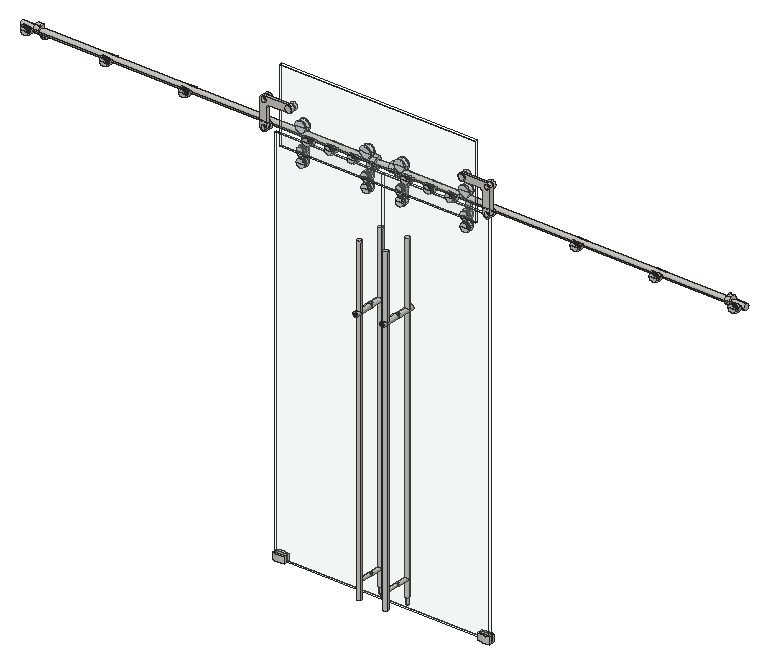
Revit family "Doors_Sliding_Avanti_Systems_Eclipse-Sliding-Pair-Glass-Barn-Doors-Dbl-Glazed", category Doors, Revit 2026
Family settings
  Classification Number = 23.30.10.00
  Always vertical = Yes
  Cut with Voids When Loaded = No
  Shared = No
  Room Calculation Point = No
Parameters (values of type "Load Family Type Catalog")
  Youtube clip = ""
  Weight Net (Kg) = "0"
  Warranty = "1 year"  # constant formula
  Uniformat II Description = "Interior Doors"
  Uniformat II Code = "C1020"
  Uniclass 2015 Name = "Sliding door and partition sets"
  Uniclass 2015 Code = "Pr_30_59_24_80"
  Uniclass 2.0 Description = "Sliding Door And Partition Sets"
  Uniclass 2.0 Code = "PR-59-23-77"
  Uniclass 1.4 Description = "Doors"
  Uniclass 1.4 Code = "JL20"
  URL = "www.avantisystemsusa.com"
  UNSPSC Code = "30171501"
  Transome Glass Width [instance] = 36 5/8"
  Transome Glass Height [instance] = 13 13/16"
  Transom Visibility [instance] = yes
  Type = 1
  Transom Height [instance] = 14"
  Thickness = if(Type = 1, 1/2", if(Type = 2, 3/8", if(Type = 3, 7/16", if(Type = 4, 9/16", 3/4"))))  # 1/2"
  Technical description = "https://www.avantisystemsusa.com/wp-content/uploads/products/16-barn-doors/specs/083213_fl.Sliding-Aluminum-Framed-Glass-Doors.Avanti.doc"
  Sound Rating = 0
  Region South America = "All"
  Region Oceania = "All"
  Region North America = "All"
  Region Middle East = "All"
  Region Europe = "All"
  Region Asia = "All"
  Region Antarctica = "All"
  Region Africa = "All"
  QR code = "http://bimobject.com/avantisystems/product/avanti-eclipse"
  Product url = "https://www.avantisystemsusa.com/glass-products/doors/sliding-doors/barn-doors/"
  Product group = "Barn Doors"
  Product family = "Sliding Doors"
  Product data url = "https://bimobject.com/avantisystems/product/avanti-eclipse"
  Product certification = ""
  Product SKU = "avanti-eclipse"
  Product Guid = "7da51ade-73dc-45b6-9d79-ccbd2e6c1290"
  Opening Width [instance] = 37"
  OmniClass Description = "Sliding All Glass Doors"
  OmniClass Code = "23-17 11 23 13"
  Nominal width = 0"
  Nominal height = 0"
  NBS Reference Description = "Sliding Door And Partition Sets"
  NBS Reference Code = "59-23-77"
  Model = "Eclipse™ Sliding Glass Barn Doors"  # constant formula
  Material secondary = "Aluminium"
  Material main = "Glass"
  Masterformat 2014 Description = "Sliding Aluminum-Framed Glass Doors"
  Masterformat 2014 Code = "08 32 13"
  Manufacturer name = "Avanti Systems"
  Manufacturer country = ""
  Manufacturer = "Avanti Systems USA"  # constant formula
  Lock = "Thumb turn floor lock with a key"
  Ladder Pull Height [instance] = 18"
  LEED compatibility = "YES"
  L-Bracket Placement [instance] = (Opening Width / 4) + 1 23/64"  # 10 39/64"
  Installation instructions = ""
  IFC Classification = "Door"
  Hardware material [instance] = Stainless Steel - Avanti- Brushed Finish
  Handle type [instance] = Handle : 60" Ladder Pull
  Half_width [instance] = (Opening Width / 2) + 1 1/2"  # 20"
  Glazing = "Safety Glazing SGCC"
  Glass Width [instance] = 40"
  Glass Material = Glass - Avanti - Laminated Glass
  Glass Marker = yes
  Glass Height [instance] = 71 5/16"
  Gap Thickness = if(Type = 1, 71/128", if(Type = 2, 87/128", if(Type = 3, 79/128", if(Type = 4, 63/128", 39/128"))))  # 71/128"
  Function = Interior
  Edition number = 1
  EAN code = ""
  Design country = "United States"
  Description = "The Barn Sliding Glass Door is our standard interior manual sliding glass door which can be integrated into the Solare™Frameless, Elite™Freestanding Partition System as well as a solid traditional wall to add a touch of modern style to any entryway."  # constant formula
  Date of publishing = ""
  Clear Anodic Finish = "AAMA 611, AA-M12c22A31, Class II, 0.01mm or thicker"
  COBIe Type Category = ""
  Brand url = "http://www.avantisystemsusa.com/"
  Bolt Length = Thickness + 69/128"  # 1 5/128"
  BIMobject main category code = "doors"
  BIMobject main category = "Doors"
  BIMobject category code = "doors-sliding"
  BIMobject category = "Sliding"
  Analytic Construction = "<None>"
Reference planes (in)
  plane 1 "Center (Front/Back)": y = 0
  plane 2: z = 0
  plane 3 "Center (Left/Right)": x = 3.24894
  plane 4: x = -15.25106
  plane 5: x = 21.74894
  plane 6 "Top": z = 84
  plane 7 "Curtain_wall_center": y = 1.4375
  plane 8 "Curtain_wall_exterior": y = 1.6875
  plane 9 "Curtain_wall_interior": y = 1.1875
  plane 10 "Top_panel_height": z = 70
  plane 11 "Doors_exterior": y = 2.74219
  plane 12 "Doors_center": y = 2.49219
  plane 13 "Doors_interior": y = 2.24219
  plane 14 "Door_offset_left": x = -16.75106
  plane 15 "Door_offset_top": z = 71.5
  plane 16 "Handle_placement_top": z = 18
  plane 17 "Handle_placement_level": x = 0.74894
  plane 18: x = -14.76823
  plane 19: z = 0.1875
  plane 20: x = 23.24894
  plane 21: x = 5.74894
  plane 22: x = 21.26611
  plane 23: x = 3.24894
  plane 24: x = 21.56144
  plane 25: x = -15.06356
  plane 26: z = 83.8125
  plane 27: x = 13.24894
  plane 28: x = -6.75106
  plane 29: z = 35.75
  plane 30: z = 71.75
Forms (in)
  Extrusion 1, solid, material "Glass - Avanti - Laminated Glass" <- "Glass Material", visible <- "Transom Visibility"
    sketch origin (0, 0, 0) x (1, 0, 0) y (0, 1, 0)
      loop
        line (-15.06356, 1.6875) -> (-15.06356, 1.1875) -> (21.56144, 1.1875) -> (21.56144, 1.6875) -> (-15.06356, 1.6875)
    from 70 to 83.8125
  Extrusion 2, solid, material "Stainless Steel - Avanti- Brushed Finish" <- "Hardware material"
    sketch origin (0, 0, 0) x (1, 0, 0) y (0, 1, 0)
      loop
        arc (-17.01409, 1.97625) -> (-15.89116, 1.77392) -> (-14.76823, 1.97625) r 3.2173
        line (-14.76823, 1.97625) -> (-14.76823, 3.00813)
        arc (-14.76823, 3.00813) -> (-15.89116, 3.20334) -> (-17.01409, 3.00813) r 3.32736
        line (-17.01409, 3.00813) -> (-17.01409, 1.97625)
    from 0 to 1.21575
  Extrusion 3, void
    sketch origin (3.24894, 0, 0) x (0, 1, 0) y (0, 0, 1)
      loop
        line (2.74219, 1.21575) -> (2.24219, 1.21575) -> (2.24219, 0.15191) -> (2.74219, 0.15191) -> (2.74219, 1.21575)
    from -20.26303 to 20.26303
  Extrusion 4, solid, material "Stainless Steel - Avanti- Brushed Finish" <- "Hardware material"
    sketch origin (6.49788, 0, 0) x (-1, 0, 0) y (0, -1, 0)
      loop
        line (-17.01409, -1.97625) -> (-17.01409, -3.00813)
        arc (-17.01409, -3.00813) -> (-15.89116, -3.20334) -> (-14.76823, -3.00813) r 3.32736
        line (-14.76823, -3.00813) -> (-14.76823, -1.97625)
        arc (-14.76823, -1.97625) -> (-15.89116, -1.77392) -> (-17.01409, -1.97625) r 3.2173
    from 0 to 1.21575
  Extrusion 5, solid, material "Glass - Avanti - Laminated Glass" <- "Glass Material"
    sketch origin (0, 0, 0) x (1, 0, 0) y (0, 0, 1)
      loop
        line (23.24894, 71.5) -> (3.24894, 71.5) -> (3.24894, 0.1875) -> (23.24894, 0.1875) -> (23.24894, 71.5)
    from -2.74219 to -2.24219
  Extrusion 6, solid, material "Glass - Avanti - Laminated Glass" <- "Glass Material"
    sketch origin (0, 0, 0) x (1, 0, 0) y (0, 0, 1)
      loop
        line (3.24894, 71.5) -> (-16.75106, 71.5) -> (-16.75106, 0.1875) -> (3.24894, 0.1875) -> (3.24894, 71.5)
    from -2.74219 to -2.24219
Cuts and joins
  Extrusion 3 cuts Extrusion 2
  Extrusion 3 cuts Extrusion 4
Lines and regions (in)
  symbolic lines, style "0"
    curve 1: line (-17.01409, 1.97625, 0) -> (-17.01409, 3.00813, 0)
    curve 2: line (-14.76823, 1.97625, 0) -> (-14.76823, 3.00813, 0)
    curve 3: circle (-16.75106, 2.49219, 0) r 0.22256 normal (0, 0, 1)
    curve 4: circle (-16.75106, 2.49219, 0) r 0.13151 normal (0, 0, 1)
    curve 5: circle (-15.03126, 2.49219, 0) r 0.22256 normal (0, 0, 1)
    curve 6: circle (-15.03126, 2.49219, 0) r 0.13151 normal (0, 0, 1)
    curve 7: arc (-15.42624, 2.11788, 0) -> (-15.29429, 2.49219, 0) -> (-15.42624, 2.8665, 0) r 0.59687
    curve 8: arc (-16.35608, 2.8665, 0) -> (-16.48803, 2.49219, 0) -> (-16.35608, 2.11788, 0) r 0.59687
    curve 9: line (-14.76823, 2.8665, 0) -> (-17.01409, 2.8665, 0)
    curve 10: line (-14.76823, 2.11788, 0) -> (-17.01409, 2.11788, 0)
    curve 21: arc (-14.76823, 1.97625, 0) -> (-15.89116, 1.77392, 0) -> (-17.01409, 1.97625, 0) r 3.2173
    curve 35: line (-14.76823, 2.24219, 0) -> (21.26611, 2.24219, 0)
    curve 36: line (21.26611, 2.24219, 0) -> (21.26611, 2.74219, 0)
    curve 37: line (-14.76823, 2.74219, 0) -> (21.26611, 2.74219, 0)
    curve 38: line (3.24894, 1.6875, 84) -> (3.24894, 1.1875, 84)
    curve 39: line (3.24894, 1.6875, 70) -> (3.24894, 1.6875, 84)
    curve 40: line (3.24894, 1.1875, 70) -> (3.24894, 1.6875, 70)
    curve 41: line (3.24894, 1.1875, 84) -> (3.24894, 1.1875, 70)
    curve 42: line (3.24894, 2.74219, 71.5) -> (3.24894, 2.24219, 71.5)
    curve 43: line (3.24894, 2.74219, 0.15191) -> (3.24894, 2.74219, 71.5)
    curve 44: line (3.24894, 2.24219, 0.15191) -> (3.24894, 2.74219, 0.15191)
    curve 45: line (3.24894, 2.24219, 71.5) -> (3.24894, 2.24219, 0.15191)
    curve 46: line (23.51197, 1.97625, 0) -> (23.51197, 3.00813, 0)
    curve 47: line (21.26611, 1.97625, 0) -> (21.26611, 3.00813, 0)
    curve 48: circle (23.24894, 2.49219, 0) r 0.22256 normal (0, 0, -1)
    curve 49: circle (23.24894, 2.49219, 0) r 0.13151 normal (0, 0, -1)
    curve 50: circle (21.52914, 2.49219, 0) r 0.22256 normal (0, 0, -1)
    curve 51: circle (21.52914, 2.49219, 0) r 0.13151 normal (0, 0, -1)
    curve 52: arc (21.92412, 2.11788, 0) -> (21.79217, 2.49219, 0) -> (21.92412, 2.8665, 0) r 0.59687
    curve 53: arc (22.85396, 2.8665, 0) -> (22.98591, 2.49219, 0) -> (22.85396, 2.11788, 0) r 0.59687
    curve 54: line (21.26611, 2.8665, 0) -> (23.51197, 2.8665, 0)
    curve 55: line (21.26611, 2.11788, 0) -> (23.51197, 2.11788, 0)
    curve 56: arc (21.26611, 1.97625, 0) -> (22.38904, 1.77392, 0) -> (23.51197, 1.97625, 0) r 3.2173
  symbolic lines, style "0", not visible
    curve 11: line (-11.39483, 5.69093, 0) -> (-11.39483, 4.65905, 0)
    curve 12: line (-13.64069, 5.69093, 0) -> (-13.64069, 4.65905, 0)
    curve 13: circle (-11.65786, 5.17499, 0) r 0.22256 normal (0, 0, 1)
    curve 14: circle (-11.65786, 5.17499, 0) r 0.13151 normal (0, 0, 1)
    curve 15: circle (-13.37767, 5.17499, 0) r 0.22256 normal (0, 0, 1)
    curve 16: circle (-13.37767, 5.17499, 0) r 0.13151 normal (0, 0, 1)
    curve 17: arc (-12.98268, 5.5493, 0) -> (-13.11464, 5.17499, 0) -> (-12.98268, 4.80068, 0) r 0.59687
    curve 18: arc (-12.05285, 4.80068, 0) -> (-11.92089, 5.17499, 0) -> (-12.05285, 5.5493, 0) r 0.59687
    curve 19: line (-13.64069, 4.80068, 0) -> (-11.39483, 4.80068, 0)
    curve 20: line (-13.64069, 5.5493, 0) -> (-11.39483, 5.5493, 0)
    curve 22: arc (-13.64069, 5.69093, 0) -> (-12.51776, 5.89326, 0) -> (-11.39483, 5.69093, 0) r 3.2173
  symbolic lines, style "0", detail levels medium+fine
    curve 23: circle (0.74894, 5.0161, 0) r 0.39445 normal (0, 0, 1)
    curve 24: line (0.43894, 4.77219, 0) -> (0.43894, 2.74219, 0)
    curve 25: line (1.06195, 4.77606, 0) -> (1.06195, 2.74219, 0)
    curve 26: circle (0.74894, -0.03172, 0) r 0.39445 normal (0, 0, -1)
    curve 27: line (0.43894, 0.21218, 0) -> (0.43894, 2.24219, 0)
    curve 28: line (1.06195, 0.20831, 0) -> (1.06195, 2.24219, 0)
    curve 57: circle (5.74894, 5.0161, 0) r 0.39445 normal (0, 0, -1)
    curve 58: line (6.05895, 4.77219, 0) -> (6.05895, 2.74219, 0)
    curve 59: line (5.43593, 4.77606, 0) -> (5.43593, 2.74219, 0)
    curve 60: circle (5.74894, -0.03172, 0) r 0.39445 normal (0, 0, 1)
    curve 61: line (6.05895, 0.21218, 0) -> (6.05895, 2.24219, 0)
    curve 62: line (5.43593, 0.20831, 0) -> (5.43593, 2.24219, 0)
  symbolic lines, style "0", not visible, detail levels medium+fine
    curve 29: circle (20.74894, 4.89891, 0) r 0.39445 normal (0, 0, 1)
    curve 30: line (20.43894, 4.65501, 0) -> (20.43894, 2.625, 0)
    curve 31: line (21.06195, 4.65887, 0) -> (21.06195, 2.625, 0)
    curve 32: circle (20.74894, -0.14891, 0) r 0.39445 normal (0, 0, -1)
    curve 33: line (20.43894, 0.09499, 0) -> (20.43894, 2.125, 0)
    curve 34: line (21.06195, 0.09113, 0) -> (21.06195, 2.125, 0)
  symbolic lines, visible <- "Glass Marker"
    curve 63: line (10.42051, -0.24998, 32.92157) -> (16.07737, -0.24998, 38.57843)
    curve 64: line (13.24894, -0.24998, 33.90204) -> (15.0969, -0.24998, 35.75)
    curve 65: line (11.40098, -0.24998, 35.75) -> (13.24894, -0.24998, 37.59796)
    curve 73: line (-9.57949, -0.24998, 32.92157) -> (-3.92263, -0.24998, 38.57843)
    curve 74: line (-6.75106, -0.24998, 33.90204) -> (-4.9031, -0.24998, 35.75)
    curve 75: line (-8.59902, -0.24998, 35.75) -> (-6.75106, -0.24998, 37.59796)
  symbolic lines, not visible
    curve 66: line (11.40098, 0.25002, 35.75) -> (15.0969, 0.25002, 35.75)
    curve 71: line (-1.84534, 0.25002, 22.66367) -> (1.85057, 0.25002, 22.66367)
    curve 76: line (-8.59902, 0.25002, 35.75) -> (-4.9031, 0.25002, 35.75)
    curve 81: line (-1.84534, 0.25002, 22.66367) -> (1.85057, 0.25002, 22.66367)
    curve 90: line (-16.88257, 2.49219, 0) -> (-16.61954, 2.49219, 0)
    curve 91: line (-11.52635, 5.17499, 0) -> (-11.78938, 5.17499, 0)
    curve 92: line (23.38046, 2.49219, 0) -> (23.11743, 2.49219, 0)
    curve 93: arc (-14.76823, 3.00813, 0) -> (-15.89116, 3.20334, 0) -> (-17.01409, 3.00813, 0) r 3.32736
    curve 94: arc (-13.64069, 4.65905, 0) -> (-12.51776, 4.46383, 0) -> (-11.39483, 4.65905, 0) r 3.32736
    curve 95: arc (21.26611, 3.00813, 0) -> (22.38904, 3.20334, 0) -> (23.51197, 3.00813, 0) r 3.32736
  model lines, not visible
    curve 67: line (13.24894, 0.25002, 33.90204) -> (13.24894, 0.25002, 37.59796)
    curve 72: line (0.00262, 0.25002, 20.81572) -> (0.00262, 0.25002, 24.51163)
    curve 77: line (-6.75106, 0.25002, 33.90204) -> (-6.75106, 0.25002, 37.59796)
    curve 82: line (0.00262, 0.25002, 20.81572) -> (0.00262, 0.25002, 24.51163)
  symbolic lines, visible <- "Glass Marker", not visible
    curve 68: line (-2.82581, -0.24998, 19.83525) -> (2.83104, -0.24998, 25.4921)
    curve 69: line (0.00262, -0.24998, 20.81572) -> (1.85057, -0.24998, 22.66367)
    curve 70: line (-1.84534, -0.24998, 22.66367) -> (0.00262, -0.24998, 24.51163)
    curve 78: line (-2.82581, -0.24998, 19.83525) -> (2.83104, -0.24998, 25.4921)
    curve 79: line (0.00262, -0.24998, 20.81572) -> (1.85057, -0.24998, 22.66367)
    curve 80: line (-1.84534, -0.24998, 22.66367) -> (0.00262, -0.24998, 24.51163)
  symbolic lines, not visible, detail levels medium+fine
    curve 83: line (0.74894, 3.45287, 0) -> (0.74894, 3.81759, 0)
    curve 84: line (20.74894, 3.33568, 0) -> (20.74894, 3.7004, 0)
    curve 85: line (5.74894, 3.45287, 0) -> (5.74894, 3.81759, 0)
    curve 86: line (0.74894, 0.93104, 0) -> (0.74894, 1.30627, 0)
    curve 87: line (20.74894, 0.81385, 0) -> (20.74894, 1.18908, 0)
    curve 88: line (5.74894, 0.93104, 0) -> (5.74894, 1.30627, 0)
  symbolic lines
    curve 89: line (3.24894, 2.74219, 0) -> (3.24894, 2.24219, 0)
Text (in)
  text "Exterior" at (-45.72835, 31.38743, 0), in view "Ref. Level"
Dimensions and locks (in)
  equal spacing: plane 4, plane 3 "Center (Left/Right)", plane 5
  equal spacing: plane 8 "Curtain_wall_exterior", plane 7 "Curtain_wall_center", plane 9 "Curtain_wall_interior"
  equal spacing: plane 11 "Doors_exterior", plane 12 "Doors_center", plane 13 "Doors_interior"
  "Gap Thickness": plane 13 "Doors_interior" to plane 8 "Curtain_wall_exterior"
  locked: plane 10 "Top_panel_height" to plane 15 "Door_offset_top" at 1.5
  "Thickness": plane 11 "Doors_exterior" to plane 13 "Doors_interior"
  "Thickness": plane 8 "Curtain_wall_exterior" to plane 9 "Curtain_wall_interior"
  "Ladder Pull Height": plane 2 to plane 16 "Handle_placement_top"
  locked: plane 4 to plane 18 at 0.48283
  plane 2 to plane 19 = 3/16"
  "Transom Height": plane 10 "Top_panel_height" to plane 6 "Top"
  locked: plane 17 "Handle_placement_level" to plane 3 "Center (Left/Right)" at 2.5
  locked: plane 21 to plane 3 "Center (Left/Right)" at 2.5
  plane 17 "Handle_placement_level" to plane 3 "Center (Left/Right)" to plane 21 = 2 1/2", 2 1/2"
  locked: plane 5 to plane 20 at 1.5
  locked: plane 14 "Door_offset_left" to plane 4 at 1.5
  "Opening Width": plane 4 to plane 5
  locked: plane 22 to plane 5 at 0.48283
  locked: plane 26 to plane 6 "Top" at 0.1875
  locked: plane 24 to plane 5 at 0.1875
  locked: plane 25 to plane 4 at 0.1875
  equal spacing: plane 20, plane 27, plane 3 "Center (Left/Right)"
  equal spacing: plane 3 "Center (Left/Right)", plane 28, plane 14 "Door_offset_left"
  equal spacing: plane 2, plane 29, plane 15 "Door_offset_top"
  plane 1 "Center (Front/Back)" to plane 7 "Curtain_wall_center" = 1 7/16"
  locked: nested 4 to curve 66 at 7
  locked: curve 66 to nested 5 at 7
  "Transome Glass Width": plane 24 to plane 25
  "Transome Glass Height": plane 10 "Top_panel_height" to plane 26
  "Glass Height": plane 19 to plane 15 "Door_offset_top"
  "Glass Width": plane 20 to plane 14 "Door_offset_left"
  locked: nested 1 to plane 11 "Doors_exterior" at 0.01172
  locked: plane 30 to plane 15 "Door_offset_top" at 0.25
  curve 9 to nested 2 = 2 113/128"
  locked: nested 3 to curve 37 at 3
  equal spacing: plane 17 "Handle_placement_level", Extrusion 6, plane 21
  aligned and locked: level to plane 2
  aligned and locked: Extrusion 1 sketch curve to plane 8 "Curtain_wall_exterior"
  aligned and locked: plane 9 "Curtain_wall_interior" to Extrusion 1 sketch curve
  aligned and locked: curve 2 to plane 18
  aligned and locked: plane 11 "Doors_exterior" to curve 25
  aligned and locked: plane 11 "Doors_exterior" to curve 24
  aligned and locked: plane 13 "Doors_interior" to curve 28
  aligned and locked: plane 13 "Doors_interior" to curve 27
  aligned and locked: plane 11 "Doors_exterior" to Extrusion 3 sketch curve
  aligned and locked: Extrusion 3 sketch curve to plane 13 "Doors_interior"
  aligned and locked: Extrusion 2 to Extrusion 3 sketch curve
  aligned and locked: curve 44 to cut or joined group of Extrusion 2, Extrusion 3
  aligned and locked: curve 45 to cut or joined group of Extrusion 2, Extrusion 3
  aligned and locked: cut or joined group of Extrusion 2, Extrusion 3 to plane 2
  aligned and locked: Extrusion 4 to plane 22
  aligned and locked: Extrusion 5 sketch curve to plane 20
  aligned and locked: Extrusion 5 sketch curve to plane 15 "Door_offset_top"
  aligned and locked: Extrusion 5 sketch curve to plane 3 "Center (Left/Right)"
  aligned and locked: Extrusion 6 sketch curve to plane 15 "Door_offset_top"
  aligned and locked: Extrusion 6 sketch curve to plane 14 "Door_offset_left"
  aligned and locked: plane 22 to curve 47
  aligned and locked: plane 22 to curve 36
  aligned and locked: Extrusion 5 to plane 19
  aligned and locked: Extrusion 6 to plane 19
  aligned and locked: plane 24 to Extrusion 1
  aligned and locked: Extrusion 1 to plane 26
  aligned and locked: Extrusion 1 to plane 25
  aligned and locked: Extrusion 1 to plane 10 "Top_panel_height"
  aligned and locked: plane 27 to curve 67
  aligned and locked: plane 29 to curve 66
  aligned and locked: plane 28 to curve 77
  aligned and locked: plane 29 to curve 76
  aligned and locked: plane 11 "Doors_exterior" to Extrusion 6
  aligned and locked: Extrusion 6 to plane 13 "Doors_interior"
  aligned and locked: plane 11 "Doors_exterior" to Extrusion 5
  aligned and locked: Extrusion 5 to plane 13 "Doors_interior"
  aligned and locked: plane 20 to Extrusion 5
  aligned and locked: plane 14 "Door_offset_left" to Extrusion 6
  aligned and locked: plane 21 to nested 3
  aligned and locked: plane 17 "Handle_placement_level" to nested 2
  aligned and locked: plane 11 "Doors_exterior" to curve 59
  aligned and locked: plane 13 "Doors_interior" to curve 62
  aligned and locked: plane 27 to nested 4
  aligned and locked: plane 28 to nested 5
  aligned and locked: plane 3 "Center (Left/Right)" to nested 1
  aligned and locked: nested 1 to plane 30
  aligned and locked: plane 8 "Curtain_wall_exterior" to Extrusion 1
  aligned and locked: Extrusion 1 to plane 9 "Curtain_wall_interior"
  aligned and locked: plane 10 "Top_panel_height" to curve 40
  aligned and locked: curve 43 to plane 11 "Doors_exterior"
  aligned and locked: plane 15 "Door_offset_top" to Extrusion 6
  aligned and locked: curve 35 to plane 13 "Doors_interior"
  aligned and locked: curve 83 to plane 17 "Handle_placement_level"
  aligned and locked: plane 21 to curve 85
  aligned and locked: curve 86 to plane 17 "Handle_placement_level"
  aligned and locked: plane 21 to curve 88
  aligned and locked: curve 90 to plane 12 "Doors_center"
  aligned and locked: plane 12 "Doors_center" to curve 92
  aligned and locked: plane 21 to nested 6
  aligned and locked: nested 7 to plane 17 "Handle_placement_level"
  aligned and locked: plane 2 to nested 6
  aligned and locked: plane 2 to nested 7
  aligned and locked: nested 7 to plane 11 "Doors_exterior"
  aligned and locked: nested 6 to plane 11 "Doors_exterior"
Automatic sketch dimensions
  Extrusion 2 sketch curve to plane 18 = 0"
  plane 4 to Extrusion 2 sketch curve = 0.6401"  (x2)
  plane 1 "Center (Front/Back)" to Extrusion 2 sketch curve = 0.12403"
  plane 14 "Door_offset_left" to Extrusion 2 sketch curve = 0.26303"
  Extrusion 2 sketch curve to plane 13 "Doors_interior" = 0.26594"
  plane 11 "Doors_exterior" to Extrusion 2 sketch curve = 0.26594"
  plane 11 "Doors_exterior" to Extrusion 2 sketch curve = 2.24903"
  level to Extrusion 3 sketch curve = 0.15191"
  Extrusion 4 sketch curve to plane 22 = 0"
  plane 5 to Extrusion 4 sketch curve = 0.6401"  (x2)
  Extrusion 4 sketch curve to plane 1 "Center (Front/Back)" = 0.12403"
  Extrusion 4 sketch curve to plane 20 = 0.26303"
  plane 13 "Doors_interior" to Extrusion 4 sketch curve = 0.26594"
  Extrusion 4 sketch curve to plane 11 "Doors_exterior" = 0.26594"
  Extrusion 4 sketch curve to plane 11 "Doors_exterior" = 2.24903"
  Extrusion 6 sketch curve to plane 3 "Center (Left/Right)" = 0"
  level to Extrusion 5 sketch curve = 3/16"
  level to Extrusion 6 sketch curve = 3/16"
  curve 41 to plane 9 "Curtain_wall_interior" = 0"
  curve 40 to plane 8 "Curtain_wall_exterior" = 0"
  plane 5 to Extrusion 1 sketch curve = 3/16"
  Extrusion 1 sketch curve to plane 4 = 3/16"
  curve 42 to plane 15 "Door_offset_top" = 0"
  plane 6 "Top" to curve 39 = 0"
  curve 83 to curve 23 = 0"
  curve 24 to curve 83 = 0.31001"
  curve 24 to curve 25 = 0.62301"
  curve 25 to curve 23 = 0.24003"
  curve 83 to curve 24 = 0.95461"
  curve 83 to curve 83 = 0.36471"
  curve 24 to curve 83 = 0.71068"
  curve 24 to curve 25 = 0"
  curve 84 to curve 29 = 0"
  curve 30 to curve 84 = 0.31001"
  curve 30 to curve 31 = 0.62301"
  curve 31 to curve 29 = 0.24003"
  curve 84 to curve 30 = 0.95461"
  curve 84 to curve 84 = 0.36471"
  curve 30 to curve 84 = 0.71068"
  curve 30 to curve 31 = 0"
  curve 85 to curve 57 = 0"
  curve 58 to curve 85 = 0.31001"
  curve 58 to curve 59 = 0.62301"
  curve 57 to curve 59 = 0.24003"
  curve 58 to curve 85 = 0.95461"
  curve 85 to curve 85 = 0.36471"
  curve 85 to curve 58 = 0.71068"
  curve 58 to curve 59 = 0"
  curve 86 to curve 26 = 0"
  curve 27 to curve 86 = 0.31001"
  curve 27 to curve 28 = 0.62301"
  curve 26 to curve 28 = 0.24003"
  curve 27 to curve 86 = 0.71886"
  curve 86 to curve 86 = 0.37523"
  curve 86 to curve 28 = 0.93592"
  curve 27 to curve 28 = 0"
  curve 87 to curve 32 = 0"
  curve 33 to curve 87 = 0.31001"
  curve 33 to curve 34 = 0.62301"
  curve 32 to curve 34 = 0.24003"
  curve 33 to curve 87 = 0.71886"
  curve 87 to curve 87 = 0.37523"
  curve 87 to curve 34 = 0.93592"
  curve 33 to curve 34 = 0"
  curve 88 to curve 60 = 0"
  curve 61 to curve 88 = 0.31001"
  curve 61 to curve 62 = 0.62301"
  curve 62 to curve 60 = 0.24003"
  curve 88 to curve 61 = 0.71886"
  curve 88 to curve 88 = 0.37523"
  curve 62 to curve 88 = 0.93592"
  curve 61 to curve 62 = 0"
  curve 37 to plane 18 = 0"
  curve 35 to plane 18 = 0"
  curve 89 to plane 3 "Center (Left/Right)" = 0"
  curve 3 to curve 4 = 0"  (x4)
  curve 5 to curve 6 = 0"  (x4)
  curve 7 to curve 8 = 0"  (x4)
  curve 9 to curve 5 = 0.26303"
  curve 5 to curve 8 = 0.8599"
  curve 2 to curve 21 = 1.12293"
  curve 7 to curve 4 = 0.8599"
  curve 3 to curve 1 = 0.26303"
  curve 21 to curve 2 = 1.98308"
  curve 1 to curve 4 = 0.51594"
  curve 3 to curve 7 = 0"
  curve 2 to curve 6 = 0.51594"
  curve 3 to curve 1 = 0.51594"
  curve 21 to curve 93 = 2.10027"
  curve 5 to curve 7 = 0.39498"  (x2)
  curve 8 to curve 3 = 0.39498"
  curve 90 to curve 3 = 0.13151"
  curve 93 to curve 9 = 0.14163"
  curve 3 to curve 90 = 0"
  curve 1 to curve 5 = 0.51594"
  curve 13 to curve 14 = 0"  (x4)
  curve 15 to curve 16 = 0"  (x4)
  curve 17 to curve 18 = 0"  (x4)
  curve 19 to curve 15 = 0.26303"
  curve 15 to curve 18 = 0.8599"
  curve 12 to curve 22 = 1.12293"
  curve 17 to curve 14 = 0.8599"
  curve 13 to curve 11 = 0.26303"
  curve 22 to curve 12 = 1.98308"
  curve 11 to curve 14 = 0.51594"
  curve 13 to curve 17 = 0"
  curve 12 to curve 16 = 0.51594"
  curve 13 to curve 11 = 0.51594"
  curve 22 to curve 94 = 2.10027"
  curve 15 to curve 17 = 0.39498"  (x2)
  curve 18 to curve 13 = 0.39498"
  curve 91 to curve 13 = 0.13151"
  curve 94 to curve 19 = 0.14163"
  curve 13 to curve 91 = 0"
  curve 11 to curve 15 = 0.51594"
  curve 48 to curve 49 = 0"  (x4)
  curve 50 to curve 51 = 0"  (x4)
  curve 52 to curve 53 = 0"  (x4)
  curve 54 to curve 50 = 0.26303"
  curve 50 to curve 53 = 0.8599"
  curve 47 to curve 56 = 1.12293"
  curve 52 to curve 49 = 0.8599"
  curve 48 to curve 46 = 0.26303"
  curve 47 to curve 56 = 1.98308"
  curve 49 to curve 46 = 0.51594"
  curve 48 to curve 52 = 0"
  curve 51 to curve 47 = 0.51594"
  curve 46 to curve 48 = 0.51594"
  curve 95 to curve 56 = 2.10027"
  curve 50 to curve 52 = 0.39498"  (x2)
  curve 53 to curve 48 = 0.39498"
  curve 92 to curve 48 = 0.13151"
  curve 54 to curve 95 = 0.14163"
  curve 48 to curve 92 = 0"
  curve 50 to curve 46 = 0.51594"
  radius of curve 3 = 0.22256"
  radius of curve 5 = 0.22256"
  radius of curve 6 = 0.13151"
  radius of curve 13 = 0.22256"
  radius of curve 15 = 0.22256"
  radius of curve 16 = 0.13151"
  radius of curve 48 = 0.22256"
  radius of curve 50 = 0.22256"
  radius of curve 51 = 0.13151"
Nested families (in)
  nested 1: "Trolley" at (3.24894, 2.74394, 72.28811), type "Trolley"
  nested 2: "Arrow" at (-3.18807, 5.74931, 0), type "arrow"
  nested 3: "Arrow" at (9.68595, 5.74219, 0) x (-1, 0, 0) z (0, 0, 1), type "arrow"
  nested 4: "Arrow" at (13.24894, 0, 42.75) x (-1, 0, 0) z (0, -1, 0), type "arrow"
  nested 5: "Arrow" at (-6.75106, 0, 42.75) x (1, 0, 0) z (0, -1, 0), type "arrow"
  nested 6: "Handle" at (4.12394, 0.86719, 38) x (1, 0, 0) z (0, -1, 0), type <- "Handle type", type "60" Ladder Pull", detail levels medium+fine
    with Locker yes
  nested 7: "Handle" at (-0.87606, 0.86719, 38) x (1, 0, 0) z (0, -1, 0), type <- "Handle type", type "60" Ladder Pull", detail levels medium+fine
    with Locker yes
Definition of nested family "Trolley"
  Parameters (values of type "Trolley")
    Thickness = 1/2"
    Opening Width Controller = if(Opening Width > 60", 60", Opening Width)  # 37"
    Opening Width = 37"
    L-Bracket Placement = (Opening Width / 2) + 2"  # 20 1/2"
    L offset = 0"
    Hinge Placement 7 = (Opening Width / 2) + 38.34646"  # 56.84646"
    Hinge Placement 6 = (Opening Width / 2) + 37.24409"  # 55.74409"
    Hinge Placement 5 = (Opening Width / 2) + 23.58268"  # 42.08268"
    Hinge Placement 4 = (Opening Width / 2) + 8.8189"  # 27.3189"
    Hinge Placement 3 = (Opening Width / 2) + 4.09449"  # 22.59449"
    Hinge Placement 2 = (Opening Width / 2) - 2.08661"  # 16.41339"
    Hinge Placement 1 = (Opening Width / 2) - 5.94488"  # 12.55512"
    Hinge Placement = (Opening Width / 2) - 3.97638"  # 14.52362"
    Default Elevation = 0"
    Assembly material = none
  Reference planes (in)
    plane 1 "Center (Front/Back)": y = 0
    plane 2: z = 0.41897
    plane 3 "Center (Left/Right)": x = 0
    plane 4: y = 1.43605
    plane 5: y = 1.56496
    plane 6: y = 0.93605
    plane 7: x = 2.5
    plane 8: x = -2.5
    plane 9: x = -18.5
    plane 10: x = 18.5
    plane 11: x = -9.25
    plane 12: x = 9.25
    plane 13: x = -16
    plane 14: x = 16
    plane 15: x = -4.19625
    plane 16: x = 4.19625
    plane 17: x = -14.14117
    plane 18: x = 14.14117
    plane 19: x = -36.5689
    plane 20: x = -51.33268
    plane 21: x = -64.99409
    plane 22: x = -66.09646
    plane 23: x = 36.5689
    plane 24: x = 51.33268
    plane 25: x = 64.99409
    plane 26: x = 66.09646
    plane 27: x = -67.59646
    plane 28: x = 67.59646
  Forms (in)
    Extrusion 1, solid, material <- "Assembly material"
      sketch origin (0, 0, 0) x (0, 1, 0) y (0, 0, 1)
        loop
          circle (0, 0.41897) r 0.46875
      from -67.59646 to 67.59646
  Lines and regions (in)
    model lines
      curve 1: line (29.74028, 89.953, 0.41897) -> (29.74028, 89.86638, 0.41897)
    reference lines
      curve 2: line (-14.32308, 0, -0.53811) -> (14.32308, 0, -0.53811)
      curve 3: line (0, -0.6125, 0.41897) -> (0, 7.1375, 0.41897)
  Text (in)
    text "2 5/16\"" at (40.39029, -38.4786, -0.89539), in view "Front"
  Dimensions and locks (in)
    locked: plane 1 "Center (Front/Back)" to plane 6 at 0.93605
    locked: plane 5 to plane 4 at 0.12891
    "Thickness": plane 4 to plane 6
    equal spacing: plane 8, plane 3 "Center (Left/Right)", plane 7, locked at 2.5 each
    plane 8 to plane 3 "Center (Left/Right)" to plane 7 = 2 1/2" locked, 2 1/2" locked
    equal spacing: plane 9, plane 3 "Center (Left/Right)", plane 10
    "Opening Width": plane 9 to plane 10
    equal spacing: plane 9, plane 11, plane 3 "Center (Left/Right)"
    equal spacing: plane 3 "Center (Left/Right)", plane 12, plane 10
    locked: plane 9 to plane 13 at 2.5
    locked: plane 14 to plane 10 at 2.5
    equal spacing: plane 15, plane 3 "Center (Left/Right)", plane 16, locked at 4.19625 each
    locked: plane 15 to plane 3 "Center (Left/Right)" at 4.19625
    locked: plane 3 "Center (Left/Right)" to plane 16 at 4.19625
    locked: plane 9 to plane 17 at 4.35883
    locked: plane 18 to plane 10 at 4.35883
    "Hinge Placement 4": plane 19 to plane 11
    "Hinge Placement 5": plane 20 to plane 11
    "Hinge Placement 6": plane 21 to plane 11
    "Hinge Placement 7": plane 22 to plane 11
    locked: plane 27 to plane 22 at 1.5
    "Hinge Placement 4": plane 12 to plane 23
    "Hinge Placement 5": plane 12 to plane 24
    "Hinge Placement 6": plane 12 to plane 25
    "Hinge Placement 7": plane 12 to plane 26
    locked: plane 26 to plane 28 at 1.5
    equal spacing: plane 17, plane 3 "Center (Left/Right)", plane 18
    aligned and locked: level to plane 2
    aligned and locked: nested 3 to plane 5
    aligned and locked: nested 1 to plane 5
    aligned and locked: nested 4 to plane 5
    aligned and locked: plane 5 to nested 11  (x4)
    aligned and locked: nested 9 to plane 8
    aligned and locked: nested 20 to plane 7
    aligned and locked: nested 9 to nested 10
    aligned and locked: nested 20 to nested 21
    aligned and locked: nested 6 to plane 11
    aligned and locked: nested 17 to plane 12
    aligned and locked: plane 13 to nested 2
    aligned and locked: plane 14 to nested 13
    aligned and locked: nested 7 to plane 15
    aligned and locked: nested 18 to plane 16
    aligned and locked: plane 17 to nested 5
    aligned and locked: plane 18 to nested 16
    aligned and locked: Extrusion 1 to plane 27
    aligned and locked: plane 22 to nested 1
    aligned and locked: plane 21 to nested 8
    aligned and locked: plane 20 to nested 3
    aligned and locked: plane 19 to nested 4
    aligned and locked: plane 28 to Extrusion 1
    aligned and locked: nested 12 to plane 26
    aligned and locked: nested 19 to plane 25
    aligned and locked: nested 14 to plane 24
    aligned and locked: nested 15 to plane 23
    aligned and locked: nested 11 to plane 9
    aligned and locked: nested 22 to plane 10
    aligned and locked: nested 22 to plane 5
    aligned and locked: nested 11 to plane 2
    aligned and locked: plane 2 to nested 22
  Automatic sketch dimensions
    Extrusion 1 sketch curve to level = 0"
    plane 1 "Center (Front/Back)" to Extrusion 1 sketch curve = 0"
    curve 1 to curve 1 = 0.08662"
    curve 1 to plane 1 "Center (Front/Back)" = 89.86638"
    curve 2 to level = 0.95708"
    curve 3 to plane 3 "Center (Left/Right)" = 0"
    plane 1 "Center (Front/Back)" to curve 3 = 0.6125"
    curve 3 to plane 1 "Center (Front/Back)" = 7.1375"
    curve 2 to plane 3 "Center (Left/Right)" = 14.32308"
    plane 3 "Center (Left/Right)" to curve 1 = 29.74028"
    plane 3 "Center (Left/Right)" to curve 2 = 14.32308"
    radius of Extrusion 1 sketch curve = 15/32"
  Nested families (in)
    nested 1: "slider_1" at (-66.09646, 0.44185, 0.33017), type "slider_1"
    nested 2: "slider" at (-15.30393, 0.48819, -1.55585), type "slider"
    nested 3: "slider_1" at (-51.33268, 0.44185, 0.33017), type "slider_1"
    nested 4: "slider_1" at (-36.5689, 0.44185, 0.33017), type "slider_1"
    nested 5: "slider_1" at (-13.30645, 0.60496, 0.33017), type "slider_1"
    nested 6: "slider_1" at (-9.25, 0.48819, 0.33017), type "slider_1"
    nested 7: "slider_1" at (-5.03098, 0.48819, 0.33017), type "slider_1"
    nested 8: "slider_2" at (-63.52058, 0, 0.41897) x (-1, 0, 0) z (0, 0, 1), type "slider_2"
    nested 9: "slider_2" at (-2.73179, 0, 0.41897), type "slider_2"
    nested 10: "slider" at (-3.19912, 0.48819, -1.55585), type "slider"
    nested 11: "Family1" at (-16.13808, 2.15005, 0.37653), type "Family1"
    nested 12: "slider_1" at (66.09646, 0.44185, 0.33017) x (-1, 0, 0) z (0, 0, 1), type "slider_1"
    nested 13: "slider" at (15.30393, 0.48819, -1.55585) x (-1, 0, 0) z (0, 0, 1), type "slider"
    nested 14: "slider_1" at (51.33268, 0.44185, 0.33017) x (-1, 0, 0) z (0, 0, 1), type "slider_1"
    nested 15: "slider_1" at (36.5689, 0.44185, 0.33017) x (-1, 0, 0) z (0, 0, 1), type "slider_1"
    nested 16: "slider_1" at (13.30645, 0.50501, 0.33017) x (-1, 0, 0) z (0, 0, 1), type "slider_1"
    nested 17: "slider_1" at (9.25, 0.48819, 0.33017) x (-1, 0, 0) z (0, 0, 1), type "slider_1"
    nested 18: "slider_1" at (5.03098, 0.48819, 0.33017) x (-1, 0, 0) z (0, 0, 1), type "slider_1"
    nested 19: "slider_2" at (63.52058, 0, 0.41897), type "slider_2"
    nested 20: "slider_2" at (2.73179, 0, 0.41897) x (-1, 0, 0) z (0, 0, 1), type "slider_2"
    nested 21: "slider" at (3.19912, 0.48819, -1.55585) x (-1, 0, 0) z (0, 0, 1), type "slider"
    nested 22: "Family1" at (16.13808, 2.15005, 0.37653) x (-1, 0, 0) z (0, 0, 1), type "Family1"
  Definition of nested family "slider_1"
    Parameters (values of type "slider_1")
      material = none
      Default Elevation = 0"
    Reference planes (in)
      plane 1 "Center (Front/Back)": y = 0
      plane 2: z = 0
      plane 3 "Center (Left/Right)": x = 0
    Forms (in)
      Extrusion 1, solid, material <- "material"
        sketch origin (0, 0, 0) x (1, 0, 0) y (0, 0, 1)
          loop
            line (0.61237, 0.625) -> (-0.61237, 0.625)
            arc (-0.61237, 0.625) -> (-0.74929, 0.45188) -> (-0.83853, 0.25) r 0.875
            arc (-0.83853, 0.25) -> (0, -0.875) -> (0.83853, 0.25) r 0.875
            arc (0.83853, 0.25) -> (0.74929, 0.45188) -> (0.61237, 0.625) r 0.875
        from -0.55469 to 1.23158
      Revolve 2, solid, material <- "material"
        sketch origin (0, 0, 0) x (1, 0, 0) y (0, 1, 0)
          loop
            line (0, 1.12311) -> (-0.63158, 1.12311) -> (-0.48947, 0.981) -> (-0.48947, 0.61785) -> (-0.61579, 0.61785) -> (-0.61579, 0.55469) -> (0, 0.55469) -> (0, 1.12311)
          axis (0, 0.55469) -> (0, 1.12311)
        angle from 0 to 360
      Extrusion 3, void
        sketch origin (0, 0, 0) x (0, 1, 0) y (0, 0, 1)
          loop
            line (0.41258, 0.64237) -> (-1.26118, 0.64237) -> (-1.26118, 0.26241) -> (0.41258, 0.26241) -> (0.41258, 0.64237)
        from -0.85732 to 0.86299
      Revolve 4, void
        sketch origin (0, 0, 0) x (0, 1, 0) y (0, 0, 1)
          loop
            line (-1.23158, -0.67352) -> (0.30206, -0.67352) -> (0.30206, -0.57878) -> (-1.01053, -0.57878) -> (-1.04211, -0.51562) -> (-1.23158, -0.51562) -> (-1.23158, -0.67352)
          axis (0.30206, -0.67352) -> (-1.23158, -0.67352)
        angle from 0 to 360
    Cuts and joins
      Extrusion 3, Revolve 4 cuts Extrusion 1
    Dimensions and locks (in)
      aligned and locked: level to plane 2
      aligned and locked: cut or joined group of Extrusion 1, Extrusion 3, Revolve 4 to Revolve 2
  Definition of nested family "slider"
    Parameters (values of type "slider")
      material = none
      Default Elevation = 0"
    Reference planes (in)
      plane 1 "Center (Front/Back)": y = 0
      plane 2: z = 0
      plane 3 "Center (Left/Right)": x = 0
    Forms (in)
      Revolve 1, solid, material <- "material"
        sketch origin (0, 0, -0.91608) x (1, 0, 0) y (0, 1, 0)
          loop
            line (0, -1.25406) -> (-0.56693, -1.25406) -> (-0.56693, -1.38004) -> (0, -1.38004) -> (0, -1.25406)
          loop
            line (0, 0.06169) -> (-0.69607, 0.06169) -> (-0.48819, -0.13217) -> (-0.48819, -0.49815) -> (-0.81008, -0.49815) -> (-0.85039, -0.53847) -> (-0.85039, -0.8761) -> (-0.73228, -0.95484) -> (0, -0.95484) -> (0, 0.06169)
          axis (0, 0.06169) -> (0, -1.38004)
        angle from 0 to 360
      Revolve 2, solid, material <- "material"
        sketch origin (0, 0, -2.8485) x (1, 0, 0) y (0, 1, 0)
          loop
            line (0, -1.25406) -> (-0.56693, -1.25406) -> (-0.56693, -1.38004) -> (0, -1.38004) -> (0, -1.25406)
          loop
            line (0, 0.06169) -> (-0.69607, 0.06169) -> (-0.48819, -0.13217) -> (-0.48819, -0.49815) -> (-0.81008, -0.49815) -> (-0.85039, -0.53847) -> (-0.85039, -0.8761) -> (-0.73228, -0.95484) -> (0, -0.95484) -> (0, 0.06169)
          axis (0, 0.06169) -> (0, -1.38004)
        angle from 0 to 360
      Revolve 3, solid, material <- "material"
        sketch origin (0, 0, 3.22031) x (1, 0, 0) y (0, 1, 0)
          loop
            line (0, -1.16535) -> (0, 0) -> (-0.99713, 0) -> (-0.99713, -0.06299)
            arc (-0.99713, -0.06299) -> (-0.77666, -0.48819) -> (-0.99713, -0.91339) r 0.52025
            line (-0.99713, -0.91339) -> (-0.99713, -0.97638) -> (-0.43771, -0.97638) -> (-0.43771, -1.16535) -> (0, -1.16535)
          axis (0, 0) -> (0, -1.16535)
        angle from 0 to 360
      Extrusion 4, solid, material <- "material"
        sketch origin (0, 0, 0) x (1, 0, 0) y (0, 0, 1)
          loop
            line (-0.49869, 3.22003) -> (-0.49869, -2.8485)
            arc (-0.49869, -2.8485) -> (0, -3.34718) -> (0.49869, -2.8485) r 0.49869
            line (0.49869, -2.8485) -> (0.49869, 3.22003)
            arc (0.49869, 3.22003) -> (0, 3.71872) -> (-0.49869, 3.22003) r 0.49869
        from 0.95484 to 1.25406
    Dimensions and locks (in)
      aligned and locked: level to plane 2
      aligned and locked: Extrusion 4 to Revolve 1
      aligned and locked: Revolve 1 to Extrusion 4
  Definition of nested family "slider_2"
    Parameters (values of type "slider_2")
      material = none
      Default Elevation = 0"
    Reference planes (in)
      plane 1 "Center (Front/Back)": y = 0
      plane 2: z = 0
      plane 3 "Center (Left/Right)": x = 0
    Forms (in)
      Extrusion 1, solid, material <- "material"
        sketch origin (0, 0, 0) x (0, 1, 0) y (0, 0, 1)
          loop
            line (0.28164, 0.90345) -> (-0.52142, 0.90345) -> (-0.95017, -0.50527) -> (-0.98988, -0.63576) -> (-0.98988, -1.37191)
            arc (-0.98988, -1.37191) -> (-0.75565, -1.60613) -> (-0.52143, -1.37191) r 0.23423
            line (-0.52143, -1.37191) -> (-0.52143, -0.63553) -> (0, -0.6023)
            arc (0, -0.6023) -> (0.50107, -0.30876) -> (0.56382, 0.26856) r 0.64585
            line (0.56382, 0.26856) -> (0.28164, 0.90345)
          loop
            circle (0, 0) r 0.53538
        from 0.28146 to 1.47351
      Extrusion 2, void
        sketch origin (0, 0, 0) x (1, 0, 0) y (0, 0, 1)
          loop
            line (1.47351, -0.68595) -> (0.88794, -1.60613) -> (1.47351, -1.60613) -> (1.47351, -0.68595)
        from 0.52143 to 0.98988
      Revolve 3, solid, material <- "material"
        sketch origin (0, -0.75565, -0.03677) x (1, 0, 0) y (0, 0, 1)
          loop
            line (0.28146, -0.6023) -> (0.28146, -0.37138) -> (0.23179, -0.37138) -> (0.23179, -0.4045) -> (0.09934, -0.4045)
            arc (0.09934, -0.4045) -> (0.02641, -0.49172) -> (0, -0.6023) r 0.24835
            line (0, -0.6023) -> (0.28146, -0.6023)
          axis (0, -0.6023) -> (0.28146, -0.6023)
        angle from 0 to 360
      Revolve 4, solid, material <- "material"
        sketch origin (0, -0.75565, -0.76873) x (1, 0, 0) y (0, 0, 1)
          loop
            line (0.28146, -0.6023) -> (0.28146, -0.37138) -> (0.23179, -0.37138) -> (0.23179, -0.4045) -> (0.09934, -0.4045)
            arc (0.09934, -0.4045) -> (0.02641, -0.49172) -> (0, -0.6023) r 0.24835
            line (0, -0.6023) -> (0.28146, -0.6023)
          axis (0, -0.6023) -> (0.28146, -0.6023)
        angle from 0 to 360
      Extrusion 5, void
        sketch origin (0, 0, 0) x (1, 0, 0) y (0, 0, 1)
          loop
            line (0.5298, -0.38097) -> (0.5298, 0.70478)
            arc (0.5298, 0.70478) -> (0.59682, 0.83643) -> (0.72848, 0.90345) r 0.23875
            line (0.72848, 0.90345) -> (0.72848, 0.94879) -> (0.23706, 0.94879) -> (0.23706, -0.38097) -> (0.5298, -0.38097)
        from -0.61891 to 0.98988
      Extrusion 6, void
        sketch origin (0, 0, 0) x (0, 1, 0) y (0, 0, 1)
          loop
            line (-0.52143, -0.63553) -> (0.44679, -0.63553) -> (0.44679, -0.38097) -> (-0.52143, -0.38097) -> (-0.52143, -0.63553)
        from 0.23179 to 0.5298
    Cuts and joins
      Extrusion 2, Extrusion 5, Extrusion 6 cuts Extrusion 1
    Lines and regions (in)
      model lines
        curve 1: arc (0.72848, 0, 0.90345) -> (0.59682, 0, 0.83643) -> (0.5298, 0, 0.70478) r 0.23875
        curve 2: line (0.28146, 0, -0.38097) -> (0.5298, 0, -0.38097)
        curve 3: line (0.5298, 0, -0.38097) -> (0.5298, 0, 0.70478)
    Dimensions and locks (in)
      aligned and locked: level to plane 2
      aligned and locked: Extrusion 5 to Extrusion 1
      aligned and locked: Extrusion 6 to curve 1
      aligned and locked: Extrusion 6 to Revolve 3
  Definition of nested family "Family1"
    Parameters (values of type "Family1")
      thickness = glass thickness + 1"  # 0.79832"
      material = none
      glass thickness = -0.20168"
      Default Elevation = 0"
      Bolt Offset = 1" / 32  # 1/32"
      Bolt Length = glass thickness + 69" / 128  # 0.33738"
    Reference planes (in)
      plane 1 "Center (Front/Back)": y = 0
      plane 2: z = 0
      plane 3 "Center (Left/Right)": x = 0
      plane 4: y = 0.03125
      plane 5: y = -0.94825
      plane 6: y = -0.58509
    Forms (in)
      Extrusion 1, solid, material <- "material"
        sketch origin (-4.0473, 0, 4.0473) x (0, 0, 1) y (-1, 0, 0)
          loop
            arc (1.28337, 0.64168) -> (1.09542, 1.09542) -> (0.64168, 1.28337) r 0.64168
            line (0.64168, 1.28337) -> (-4.01245, 1.28337)
            arc (-4.01245, 1.28337) -> (-4.65413, 0.64168) -> (-4.01245, 0) r 0.64168
            line (-4.01245, 0) -> (-0.49479, 0)
            arc (-0.49479, 0) -> (-0.14492, -0.14492) -> (0, -0.49479) r 0.49479
            line (0, -0.49479) -> (0, -4.01245)
            arc (0, -4.01245) -> (0.64168, -4.65413) -> (1.28337, -4.01245) r 0.64168
            line (1.28337, -4.01245) -> (1.28337, 0.64168)
        from 0 to 0.52193
      Extrusion 2, solid, material <- "material"
        sketch origin (-4.0473, 0, 4.0473) x (0, 0, 1) y (-1, 0, 0)
          loop
            circle (-4.01245, 0.64168) r 0.39168
          loop
            circle (0.64168, 0.64168) r 0.39063
        from -0.03125 to 0.52193
      Extrusion 3, solid, material <- "material"
        sketch origin (-4.0473, 0, 4.0473) x (0, 0, 1) y (-1, 0, 0)
          loop
            circle (0.64168, -4.01245) r 0.57983
        from -0.03125 to 0.52193
      Revolve 4, solid, material <- "material"
        sketch origin (-0.04597, 0.03275, 4.73704) x (0, 0, 1) y (0, -1, 0)
          loop
            line (-0.05146, 1.22735) -> (-0.73582, 1.22735) -> (-0.48947, 0.981) -> (-0.48947, 0.61785) -> (-0.61579, 0.61785) -> (-0.61579, 0.55469) -> (-0.05146, 0.55469) -> (-0.05146, 1.22735)
          axis (-0.05146, 0.55469) -> (-0.05146, 1.22735)
        angle from 0 to 360
      Revolve 5, solid, material <- "material"
        sketch origin (-4.67298, 0.03275, 4.71556) x (0, 0, 1) y (0, 1, 0)
          loop
            line (-0.05146, -1.22735) -> (-0.05146, -0.55469) -> (-0.61579, -0.55469) -> (-0.61579, -0.61785) -> (-0.48947, -0.61785) -> (-0.48947, -0.981) -> (-0.73582, -1.22735) -> (-0.05146, -1.22735)
          axis (-0.05146, -0.55469) -> (-0.05146, -1.22735)
        angle from 0 to 360
      Revolve 6, solid, material <- "material"
        sketch origin (-4.68922, 0.03275, -0.00901) x (0, 0, -1) y (0, -1, 0)
          loop
            line (-0.05146, 1.22735) -> (-0.73582, 1.22735) -> (-0.48947, 0.981) -> (-0.48947, 0.61785) -> (-0.61579, 0.61785) -> (-0.61579, 0.55469) -> (-0.05146, 0.55469) -> (-0.05146, 1.22735)
          axis (-0.05146, 0.55469) -> (-0.05146, 1.22735)
        angle from 0 to 360
    Lines and regions (in)
      reference lines
        curve 1: line (-1.68538, -0.52193, 0) -> (-1.68538, 0, 0)
        curve 2: line (-4.0473, -0.52193, 2.36192) -> (-4.0473, 0, 2.36192)
        curve 3: line (-2.36192, 0, 5.33067) -> (-2.36192, 0, -1.16933)
        curve 4: line (-8.75486, 0, 0.04244) -> (-4.00486, 0, 0.04244)
    Dimensions and locks (in)
      "Bolt Offset": plane 1 "Center (Front/Back)" to plane 4
      aligned and locked: level to plane 2
      aligned and locked: Extrusion 2 to Extrusion 1
      aligned and locked: Revolve 4 to Extrusion 1
      aligned and locked: Extrusion 1 to Revolve 6
      aligned and locked: Revolve 5 to Extrusion 1
      aligned and locked: Revolve 5 sketch curve to Extrusion 1
      aligned and locked: Revolve 4 sketch curve to Extrusion 1
      aligned and locked: Extrusion 1 to Revolve 6 sketch curve
      aligned and locked: Revolve 4 to Revolve 6
      aligned and locked: Revolve 6 to Revolve 5
    Automatic sketch dimensions
      plane 1 "Center (Front/Back)" to curve 1 = 0"
      curve 1 to plane 3 "Center (Left/Right)" = 1.68538"
      plane 6 to curve 1 = 0.06316"
      Extrusion 1 sketch curve to level = 0.03485"
      Extrusion 1 sketch curve to Extrusion 1 sketch curve = 3.51766"  (x2)
      Extrusion 1 sketch curve to Extrusion 1 sketch curve = 0.49479"
      plane 3 "Center (Left/Right)" to Extrusion 1 sketch curve = 0.03485"
      Extrusion 1 sketch curve to Extrusion 1 sketch curve = 0.64168"  (x2)
      Extrusion 1 sketch curve to Extrusion 1 sketch curve = 1.13647"
      Extrusion 2 sketch curve to level = 0.03485"
      Extrusion 2 sketch curve to Extrusion 2 sketch curve = 4.65413"
      plane 3 "Center (Left/Right)" to Extrusion 2 sketch curve = 4.68898"
      Extrusion 2 sketch curve to Extrusion 2 sketch curve = 0"
      plane 3 "Center (Left/Right)" to Extrusion 3 sketch curve = 0.03485"
      Extrusion 3 sketch curve to level = 4.68898"
      Revolve 4 sketch curve to plane 6 = 0"
      Revolve 4 sketch curve to plane 5 = 0"
      Revolve 4 sketch curve to plane 5 = 0.24635"
      level to Revolve 4 sketch curve = 4.00122"
      Revolve 4 sketch curve to Revolve 4 sketch curve = 0.12003"
      Revolve 4 sketch curve to Revolve 4 sketch curve = 0.12632"
      Revolve 4 sketch curve to Revolve 4 sketch curve = 0.43802"
      Revolve 4 sketch curve to Revolve 4 sketch curve = 0"  (x2)
      Revolve 4 sketch curve to Revolve 4 sketch curve = 0.10424"
      Revolve 5 sketch curve to plane 6 = 0"
      Revolve 5 sketch curve to plane 5 = 0"
      Revolve 5 sketch curve to plane 5 = 0.24635"
      level to Revolve 5 sketch curve = 3.97974"
      Revolve 5 sketch curve to Revolve 5 sketch curve = 0.12003"
      Revolve 5 sketch curve to Revolve 5 sketch curve = 0.12632"
      Revolve 5 sketch curve to Revolve 5 sketch curve = 0.43802"
      Revolve 5 sketch curve to Revolve 5 sketch curve = 0"  (x2)
      Revolve 5 sketch curve to Revolve 5 sketch curve = 0.10424"
      Revolve 6 sketch curve to plane 6 = 0"
      Revolve 6 sketch curve to plane 5 = 0"
      Revolve 6 sketch curve to plane 5 = 0.24635"
      level to Revolve 6 sketch curve = 0.72681"
      level to Revolve 6 sketch curve = 0.60678"
      Revolve 6 sketch curve to Revolve 6 sketch curve = 0.12632"
      level to Revolve 6 sketch curve = 0.04244"  (x2)
      Revolve 6 sketch curve to Revolve 6 sketch curve = 0"
      Revolve 6 sketch curve to Revolve 6 sketch curve = 0.10424"
      curve 2 to plane 1 "Center (Front/Back)" = 0"
      level to curve 2 = 2.36192"
      plane 6 to curve 2 = 0.06316"
      level to curve 4 = 0.04244"
      curve 4 to plane 3 "Center (Left/Right)" = 8.75486"
      curve 4 to plane 3 "Center (Left/Right)" = 4.00486"
      curve 4 to curve 3 = 1.64294"
      curve 3 to level = 1.16933"
      level to curve 3 = 5.33067"
      radius of Extrusion 2 sketch curve = 0.39168"
      radius of Extrusion 2 sketch curve = 25/64"
      radius of Extrusion 3 sketch curve = 0.57983"
Definition of nested family "Handle"
  Parameters (values of type "48" Ladder Pull")
    Width = 54.28299"
    Type = 3
    Ladder Pool Height = 18"
    Ladder 60" = if(Type = 5, 1 = 1, 1 = 0)  # no
    Ladder = if(Type = 3, 1 = 1, 1 = 0)  # yes
    Thickness = 1/2"
    Panic hardware = if(Type = 4, 1 = 1, 1 = 0)  # no
    Material = none
    Locker [instance] = yes
    Height = 90 9/16"
    Glass door = if(Type = 2, 1 = 1, 1 = 0)  # no
    Framed door = if(Type = 1, 1 = 1, 1 = 0)  # no
    Default Elevation = 48"
  Types (2): name | Type | Ladder 60" | Ladder
    60" Ladder Pull | 5 | yes | no
    48" Ladder Pull | 3 | no | yes
  Reference planes (in)
    plane 1 "Center (Front/Back)": y = 0
    plane 2: z = 0
    plane 3 "Center (Left/Right)": x = 0
    plane 4 "door_up": z = -1.375
    plane 5 "door_down": z = -1.875
    plane 6: z = -3.25
    plane 7: x = -1.25
    plane 8: x = -43.31449
    plane 9: x = -46.03299
    plane 10: x = -43.31449
    plane 11: y = 51.9375
    plane 12: y = 0.625
    plane 13: y = 11.125
    plane 14: y = 52.5625
    plane 15: y = -38
    plane 16: x = -50.15799
    plane 17 "door": x = 4.125
    plane 18: x = 1.625
    plane 19: y = -20
  Forms (in)
    Sweep 1, solid, material <- "Material", visible <- "Panic hardware"
      path origin (0, 0, 0) x (1, 0, 0) y (0, 1, 0)
        loop
          line (-1.25, 51.9375) -> (-1.25, 4.25)
          arc (-1.25, 4.25) -> (-2.12868, 2.12868) -> (-4.25, 1.25) r 3
          line (-4.25, 1.25) -> (-43.31449, 1.25)
      profile origin (-1.25, 28.09375, 0) x (1, 0, 0) y (0, 0, 1)
        loop
          circle (0.625, 0.625) r 0.625
    Sweep 2, solid, material <- "Material", visible <- "Panic hardware"
      path origin (0, 0, 0) x (1, 0, 0) y (0, 0, 1)
        loop
          line (-43.31449, 0) -> (-44.06449, 0)
          arc (-44.06449, 0) -> (-44.57255, -0.21044) -> (-44.78299, -0.7185) r 0.7185
          line (-44.78299, -0.7185) -> (-44.78299, -1.375)
      profile origin (-43.68949, 0, 0) x (0, 0, -1) y (0, -1, 0)
        loop
          circle (-0.625, -0.625) r 0.625
    Sweep 3, solid, material <- "Material", visible <- "Panic hardware"
      path origin (0, 0, -6.75) x (1, 0, 0) y (0, 0, -1)
        loop
          line (-43.31449, -3.5) -> (-44.06449, -3.5)
          arc (-44.06449, -3.5) -> (-44.57255, -3.71044) -> (-44.78299, -4.2185) r 0.7185
          line (-44.78299, -4.2185) -> (-44.78299, -4.875)
      profile origin (-43.68949, 0, -3.25) x (0, 0, -1) y (0, -1, 0)
        loop
          circle (0.625, -0.625) r 0.625
    Sweep 4, solid, material <- "Material", visible <- "Panic hardware"
      path origin (-30, 0, -6.75) x (-1, 0, 0) y (0, 0, -1)
        loop
          line (13.31449, -3.5) -> (-28.0315, -3.5)
          arc (-28.0315, -3.5) -> (-28.53956, -3.71044) -> (-28.75, -4.2185) r 0.7185
          line (-28.75, -4.2185) -> (-28.75, -4.875)
      profile origin (-22.6415, 0, -3.25) x (0, 0, 1) y (0, -1, 0)
        loop
          circle (-0.625, -0.625) r 0.625
  Cuts and joins
    joined: Sweep 1, Sweep 2
    joined: Sweep 3, Sweep 4
  Dimensions and locks (in)
    "Thickness": plane 5 "door_down" to plane 4 "door_up"
    locked: plane 3 "Center (Left/Right)" to plane 7 at 1.25
    locked: plane 9 to plane 8 at 2.7185
    locked: plane 9 to Sweep 3 sketch curve at 1.25
    locked: Sweep 2 sketch curve to plane 9 at 1.25
    locked: plane 10 to plane 9 at 2.7185
    locked: Sweep 1 sketch curve to plane 1 "Center (Front/Back)" at 1.25
    locked: plane 3 "Center (Left/Right)" to nested 1 at 0.125
    locked: plane 4 "door_up" to plane 2 at 1.375
    locked: plane 6 to plane 5 "door_down" at 1.375
    locked: plane 12 to plane 1 "Center (Front/Back)" at 0.625
    locked: plane 13 to plane 12 at 10.5
    locked: plane 14 to plane 11 at 0.625
    "Height": plane 14 to plane 15
    locked: plane 1 "Center (Front/Back)" to plane 15 at 38
    locked: plane 3 "Center (Left/Right)" to plane 17 "door" at 4.125
    "Width": plane 16 to plane 17 "door"
    locked: plane 16 to plane 10 at 6.8435
    locked: plane 18 to plane 17 "door" at 2.5
    "Ladder Pool Height": plane 19 to plane 15
    aligned and locked: level to plane 2
    aligned and locked: plane 4 "door_up" to cut or joined group of Sweep 1, Sweep 2
    aligned and locked: Sweep 2 sketch curve to plane 4 "door_up"
    aligned and locked: Sweep 3 sketch curve to plane 5 "door_down"
    aligned and locked: plane 6 to Sweep 3 sketch curve
    aligned and locked: plane 7 to Sweep 4 sketch curve
    aligned and locked: Sweep 4 sketch curve to plane 6
    aligned and locked: plane 8 to Sweep 4 sketch curve
    aligned and locked: plane 8 to Sweep 3 sketch curve
    aligned and locked: plane 10 to Sweep 2 sketch curve
    aligned and locked: plane 10 to Sweep 1 sketch curve
    aligned and locked: plane 11 to Sweep 1 sketch curve
    aligned and locked: plane 5 "door_down" to Sweep 4 sketch curve
    aligned and locked: nested 1 to plane 4 "door_up"
    aligned and locked: plane 13 to nested 1
    aligned and locked: nested 2 to plane 4 "door_up"
    aligned and locked: plane 3 "Center (Left/Right)" to nested 2
    aligned and locked: nested 2 to plane 11
    aligned and locked: nested 2 to plane 14
    aligned and locked: plane 18 to nested 3
    aligned and locked: plane 1 "Center (Front/Back)" to nested 3
    aligned and locked: nested 4 to plane 18
    aligned and locked: nested 4 to plane 1 "Center (Front/Back)"
    aligned and locked: nested 5 to plane 4 "door_up"
    aligned and locked: nested 5 to plane 17 "door"
    aligned and locked: nested 5 to plane 1 "Center (Front/Back)"
    aligned and locked: nested 6 to plane 4 "door_up"
    aligned and locked: plane 5 "door_down" to nested 7
    aligned and locked: nested 7 to plane 19
    aligned and locked: plane 19 to nested 6
    aligned and locked: nested 6 to plane 18
    aligned and locked: nested 7 to plane 18
    aligned and locked: plane 4 "door_up" to nested 8
    aligned and locked: plane 15 to nested 8
    aligned and locked: plane 5 "door_down" to nested 9
    aligned and locked: nested 9 to plane 15
    aligned and locked: plane 18 to nested 8
    aligned and locked: plane 18 to nested 9
  Nested families (in)
    nested 1: "Family2" at (-1.125, 11.125, 0.22234), visible <- "Panic hardware", type "Family2"
      with Lock yes
    nested 2: "Family3" at (-0.26102, 51.9375, -1.63602), visible <- "Panic hardware", type "Family3"
      with Thickness 1/2"
    nested 3: "Handle Timber" at (1.625, 0, -1.875), Locker <- "Locker", visible <- "Framed door", type "Handle Timber"
      with Locker yes
    nested 4: "Handle Timber" at (1.625, 0, -1.375) x (1, 0, 0) z (0, 0, -1), Locker <- "Locker", visible <- "Framed door", type "Handle Timber"
      with Locker yes
    nested 5: "Hinged Framed Swing locker" at (3.22214, -1.5625, -5.625), Handle and assembly material <- "Material", visible <- "Glass door", type "Hinged Framed Swing locker"
      with Handle and assembly material none
    nested 6: "Handle_For-Glass_Rounded_600mm" at (1.625, 13.36577, -1.375) x (-1, 0, 0) z (0, 0, -1), Handle Material <- "Material", visible <- "Ladder", type "Handle_For-Glass_Rounded_600mm"
      with Handle Material none, Handle Height 48"
    nested 7: "Handle_For-Glass_Rounded_600mm" at (1.625, -5.36577, -1.875) x (-1, 0, 0) z (0, 0, 1), Handle Material <- "Material", visible <- "Ladder", type "Handle_For-Glass_Rounded_600mm"
      with Handle Material none, Handle Height 48"
    nested 8: "Handle_For-Glass_Rounded_60in" at (1.625, 2.47039, -1.375), visible <- "Ladder 60"", Handle Material <- "Material", type "60""
      with No locker yes, Locker no, Handle Material none, Handle Height 60"
    nested 9: "Handle_For-Glass_Rounded_60in2" at (1.625, 2.47039, -1.875), visible <- "Ladder 60"", Handle Material <- "Material", type "60""
      with No locker no, Locker yes, Handle Material none, Handle Height 60"
  Definition of nested family "Family2"
    Parameters (values of type "Family2")
      Thickness = 1/2"
      Material = none
      Lock = no
      Default Elevation = 0"
    Reference planes (in)
      plane 1 "Center (Front/Back)": y = 0
      plane 2: z = 0
      plane 3 "Center (Left/Right)": x = 0
